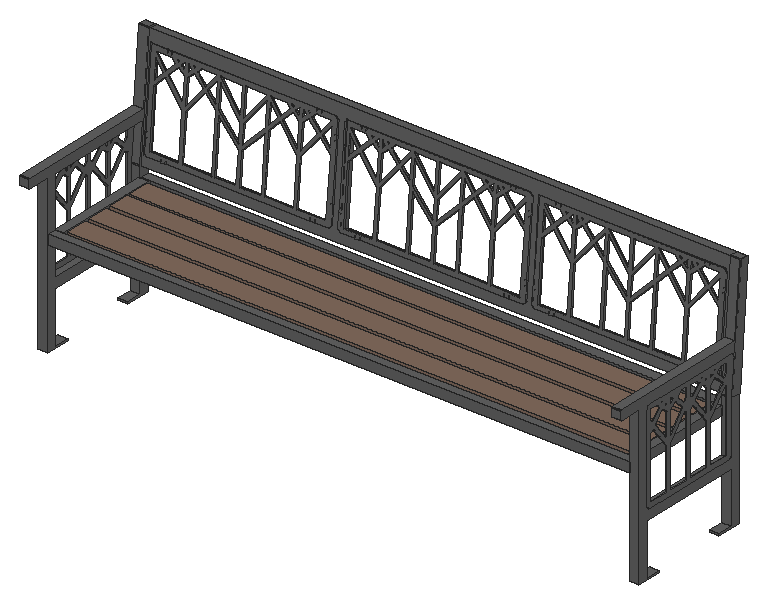
Revit family (continued)
Definition of nested family "Panel-Back-SiteScapes-Steel_Sheet_Metal-8ft"
  Definition of nested family "Panel-Back-SiteScapes-Steel_Sheet_Metal_96_Single"
    Automatic sketch dimensions
      Extrusion 1 sketch curve to Extrusion 1 sketch curve = 0' - 0.00402"
      Extrusion 1 sketch curve to Extrusion 1 sketch curve = 0' - 0.00591"
      Extrusion 1 sketch curve to Extrusion 1 sketch curve = 0' - 0.41939"  (x2)
      Extrusion 1 sketch curve to Extrusion 1 sketch curve = 0' - 0.42563"
      Extrusion 1 sketch curve to Extrusion 1 sketch curve = 0' - 0.00038"
      Extrusion 1 sketch curve to Extrusion 1 sketch curve = 0' - 0.00058"
      Extrusion 1 sketch curve to Extrusion 1 sketch curve = 0' - 0.09758"
      Extrusion 1 sketch curve to Extrusion 1 sketch curve = 0' - 0.29734"
      Extrusion 1 sketch curve to Extrusion 1 sketch curve = 0' - 0.38026"
      Extrusion 1 sketch curve to Extrusion 1 sketch curve = 0' - 0.01826"  (x3)
      Masking region 1 sketch curve to plane 10 "Top" = 0' - 0"  (x3)
      Masking region 1 sketch curve to plane 8 = 0' - 0.16525"
      Masking region 1 sketch curve to plane 8 = 0' - 0.16527"
      Masking region 1 sketch curve to plane 8 = 0' - 0.16557"
      Masking region 1 sketch curve to plane 8 = 0' - 0.16561"
      Masking region 1 sketch curve to plane 8 = 0' - 0.21995"
      Masking region 1 sketch curve to plane 8 = 0' - 0.21996"
      Masking region 1 sketch curve to Masking region 1 sketch curve = 0' - 0.05477"
      Masking region 1 sketch curve to Masking region 1 sketch curve = 0' - 0.0548"
      Masking region 1 sketch curve to Masking region 1 sketch curve = 0' - 0.09227"
      Masking region 1 sketch curve to Masking region 1 sketch curve = 0' - 0.00007"  (x7)
      Masking region 1 sketch curve to Masking region 1 sketch curve = 0' - 0.09768"
      Masking region 1 sketch curve to Masking region 1 sketch curve = 0' - 0.09787"
      Masking region 1 sketch curve to Masking region 1 sketch curve = 0' - 0.09918"
      Masking region 1 sketch curve to Masking region 1 sketch curve = 0' - 0.00008"
      Masking region 1 sketch curve to Masking region 1 sketch curve = 0' - 0.01588"
      Masking region 1 sketch curve to Masking region 1 sketch curve = 0' - 0.01584"
      Masking region 1 sketch curve to Masking region 1 sketch curve = 0' - 0.01592"
      Masking region 1 sketch curve to Masking region 1 sketch curve = 0' - 0.01755"
      Masking region 1 sketch curve to Masking region 1 sketch curve = 0' - 0.47836"
      Masking region 1 sketch curve to Masking region 1 sketch curve = 0' - 0.48163"
      Masking region 1 sketch curve to Masking region 1 sketch curve = 0' - 0.65084"
      Masking region 1 sketch curve to Masking region 1 sketch curve = 0' - 0.65101"
      Masking region 1 sketch curve to plane 8 = 0' - 0.88324"
      Masking region 1 sketch curve to Masking region 1 sketch curve = 0' - 0.06684"
      Masking region 1 sketch curve to plane 8 = 0' - 0.88326"
      Masking region 1 sketch curve to Masking region 1 sketch curve = 0' - 0.00002"  (x9)
      Masking region 1 sketch curve to Masking region 1 sketch curve = 0' - 0.03112"  (x11)
      Masking region 1 sketch curve to Masking region 1 sketch curve = 0' - 0"  (x36)
      Masking region 1 sketch curve to Masking region 1 sketch curve = 0' - 0 1/32"  (x12)
      Masking region 1 sketch curve to Masking region 1 sketch curve = 0' - 0.03127"  (x5)
      Masking region 1 sketch curve to Masking region 1 sketch curve = 0' - 0.03324"
      Masking region 1 sketch curve to Masking region 1 sketch curve = 0' - 0.00618"  (x6)
      Masking region 1 sketch curve to Masking region 1 sketch curve = 0' - 0.02256"  (x10)
      Masking region 1 sketch curve to Masking region 1 sketch curve = 0' - 0.02449"  (x10)
      Masking region 1 sketch curve to Masking region 1 sketch curve = 0' - 0.02481"  (x5)
      Masking region 1 sketch curve to Masking region 1 sketch curve = 0' - 1.39032"
      Masking region 1 sketch curve to Masking region 1 sketch curve = 0' - 0.03081"  (x4)
      Masking region 1 sketch curve to Masking region 1 sketch curve = 0' - 0.02222"  (x8)
      Masking region 1 sketch curve to Masking region 1 sketch curve = 0' - 0.02411"  (x4)
      Masking region 1 sketch curve to Masking region 1 sketch curve = 0' - 0.33696"  (x2)
      Masking region 1 sketch curve to Masking region 1 sketch curve = 0' - 0.00888"  (x4)
      Masking region 1 sketch curve to Masking region 1 sketch curve = 0' - 0.35775"  (x2)
      Masking region 1 sketch curve to Masking region 1 sketch curve = 0' - 0.00706"  (x4)
      Masking region 1 sketch curve to Masking region 1 sketch curve = 0' - 0.02254"  (x4)
      Masking region 1 sketch curve to Masking region 1 sketch curve = 0' - 0.01661"
      Masking region 1 sketch curve to Masking region 1 sketch curve = 0' - 0.01648"
      Masking region 1 sketch curve to Masking region 1 sketch curve = 0' - 0.02435"  (x4)
      Masking region 1 sketch curve to Masking region 1 sketch curve = 0' - 0.02436"  (x4)
      Masking region 1 sketch curve to Masking region 1 sketch curve = 0' - 0.02253"  (x4)
      Masking region 1 sketch curve to Masking region 1 sketch curve = 0' - 0.3581"  (x2)
      Masking region 1 sketch curve to Masking region 1 sketch curve = 0' - 0.0067"  (x4)
      Masking region 1 sketch curve to Masking region 1 sketch curve = 0' - 0.00859"  (x2)
      Masking region 1 sketch curve to Masking region 1 sketch curve = 0' - 0.04324"
      Masking region 1 sketch curve to Masking region 1 sketch curve = 0' - 0.01688"
      Masking region 1 sketch curve to Masking region 1 sketch curve = 0' - 0.0145"
      Masking region 1 sketch curve to Masking region 1 sketch curve = 0' - 0.69198"  (x2)
      Masking region 1 sketch curve to Masking region 1 sketch curve = 0' - 0.03083"  (x4)
      Masking region 1 sketch curve to plane 10 "Top" = 0' - 1.39125"
      Masking region 1 sketch curve to Masking region 1 sketch curve = 0' - 0.02039"  (x4)
      Masking region 1 sketch curve to plane 10 "Top" = 0' - 1.43554"  (x4)
      Masking region 1 sketch curve to Masking region 1 sketch curve = 0' - 0.02223"  (x2)
      Masking region 1 sketch curve to Masking region 1 sketch curve = 0' - 0.15445"  (x2)
      Masking region 1 sketch curve to plane 10 "Top" = 0' - 0.7921"  (x2)
      Masking region 1 sketch curve to Masking region 1 sketch curve = 0' - 0.00984"  (x4)
      Masking region 1 sketch curve to Masking region 1 sketch curve = 0' - 0.03097"  (x2)
      Masking region 1 sketch curve to Masking region 1 sketch curve = 0' - 0.19372"  (x4)
      Masking region 1 sketch curve to Masking region 1 sketch curve = 0' - 0.01064"  (x4)
      Masking region 1 sketch curve to Masking region 1 sketch curve = 0' - 0.02078"  (x8)
      Masking region 1 sketch curve to Masking region 1 sketch curve = 0' - 0.41333"  (x2)
      Masking region 1 sketch curve to plane 10 "Top" = 0' - 1.80322"  (x2)
      Masking region 1 sketch curve to Masking region 1 sketch curve = 0' - 0.00895"  (x4)
      Masking region 1 sketch curve to plane 10 "Top" = 0' - 0.98849"  (x4)
      Masking region 1 sketch curve to Masking region 1 sketch curve = 0' - 0.02247"  (x8)
      Masking region 1 sketch curve to Masking region 1 sketch curve = 0' - 0.15973"  (x2)
      Masking region 1 sketch curve to Masking region 1 sketch curve = 0' - 0.03073"  (x2)
      Masking region 1 sketch curve to Masking region 1 sketch curve = 0' - 0.00025"  (x4)
      Masking region 1 sketch curve to Masking region 1 sketch curve = 0' - 0.02295"  (x4)
      Masking region 1 sketch curve to Masking region 1 sketch curve = 0' - 0.41369"  (x2)
      Masking region 1 sketch curve to Masking region 1 sketch curve = 0' - 0.0086"  (x4)
      Masking region 1 sketch curve to plane 10 "Top" = 0' - 1.40049"  (x3)
      Masking region 1 sketch curve to Masking region 1 sketch curve = 0' - 0.01047"  (x2)
      Masking region 1 sketch curve to Masking region 1 sketch curve = 0' - 0.02037"  (x4)
      Masking region 1 sketch curve to Masking region 1 sketch curve = 0' - 2.81793"
      Masking region 1 sketch curve to Masking region 1 sketch curve = 0' - 0.51014"
      Masking region 1 sketch curve to Masking region 1 sketch curve = 0' - 0.50828"
      Masking region 1 sketch curve to Masking region 1 sketch curve = 0' - 2.03344"
      Masking region 1 sketch curve to Masking region 1 sketch curve = 0' - 0.0068"  (x6)
      Masking region 1 sketch curve to plane 10 "Top" = 0' - 0.81822"  (x4)
      Masking region 1 sketch curve to Masking region 1 sketch curve = 0' - 0.00872"  (x4)
      Masking region 1 sketch curve to Masking region 1 sketch curve = 0' - 0.01059"  (x4)
      Masking region 1 sketch curve to Masking region 1 sketch curve = 0' - 0.02069"  (x4)
      Masking region 1 sketch curve to plane 10 "Top" = 0' - 2.64508"
      Masking region 1 sketch curve to Masking region 1 sketch curve = 0' - 0.05195"
      Masking region 1 sketch curve to Masking region 1 sketch curve = 0' - 0.05576"  (x2)
      Masking region 1 sketch curve to Masking region 1 sketch curve = 0' - 0 9/16"  (x4)
      Masking region 1 sketch curve to Masking region 1 sketch curve = 0' - 0.03111"  (x4)
      Masking region 1 sketch curve to Masking region 1 sketch curve = 0' - 0.48792"  (x2)
      Masking region 1 sketch curve to Masking region 1 sketch curve = 0' - 0.02224"  (x2)
      Masking region 1 sketch curve to plane 10 "Top" = 0' - 0.79027"  (x3)
      Masking region 1 sketch curve to Masking region 1 sketch curve = 0' - 0.2311"  (x2)
      Masking region 1 sketch curve to Masking region 1 sketch curve = 0' - 0.03098"  (x3)
      Masking region 1 sketch curve to plane 10 "Top" = 0' - 1.80163"  (x2)
      Masking region 1 sketch curve to Masking region 1 sketch curve = 0' - 0.38981"  (x2)
      Masking region 1 sketch curve to Masking region 1 sketch curve = 0' - 0.13726"  (x2)
      Masking region 1 sketch curve to Masking region 1 sketch curve = 0' - 0.02113"  (x2)
      Masking region 1 sketch curve to Masking region 1 sketch curve = 0' - 0.42229"  (x2)
      Masking region 1 sketch curve to Masking region 1 sketch curve = 0' - 0.00185"  (x2)
      Masking region 1 sketch curve to Masking region 1 sketch curve = 0' - 0.89765"
      Masking region 1 sketch curve to Masking region 1 sketch curve = 0' - 1.47873"  (x2)
      Masking region 1 sketch curve to plane 10 "Top" = 0' - 3.40903"  (x2)
      Masking region 1 sketch curve to Masking region 1 sketch curve = 0' - 0.34584"  (x2)
      Masking region 1 sketch curve to Masking region 1 sketch curve = 0' - 0.3648"  (x2)
      Masking region 1 sketch curve to plane 10 "Top" = 0' - 3.31018"  (x2)
      Masking region 1 sketch curve to Masking region 1 sketch curve = 0' - 0.36481"  (x2)
      Masking region 1 sketch curve to Masking region 1 sketch curve = 0' - 0.00189"  (x2)
      Masking region 1 sketch curve to plane 10 "Top" = 0' - 0.73871"  (x3)
      Masking region 1 sketch curve to Masking region 1 sketch curve = 0' - 2.41312"
      Masking region 1 sketch curve to plane 10 "Top" = 0' - 1.65572"  (x2)
      Masking region 1 sketch curve to Masking region 1 sketch curve = 0' - 0.00846"  (x2)
      Masking region 1 sketch curve to Masking region 1 sketch curve = 0' - 1.26848"
      Masking region 1 sketch curve to plane 10 "Top" = 0' - 0.78805"  (x4)
      level to Masking region 1 sketch curve = 0' - 0.92727"  (x3)
      plane 3 "Center (Left/Right)" to Masking region 1 sketch curve = 0' - 4.25742"
      Masking region 1 sketch curve to Masking region 1 sketch curve = 0' - 0.03158"
      Masking region 1 sketch curve to Masking region 1 sketch curve = 0' - 0.51817"  (x2)
      Masking region 1 sketch curve to Masking region 1 sketch curve = 0' - 0.50707"  (x3)
      Masking region 1 sketch curve to Masking region 1 sketch curve = 0' - 0.50708"  (x2)
      Masking region 1 sketch curve to Masking region 1 sketch curve = 0' - 0.5071"
      plane 3 "Center (Left/Right)" to Masking region 1 sketch curve = 0' - 0.40619"
      plane 3 "Center (Left/Right)" to Masking region 1 sketch curve = 0' - 0.34427"
      plane 3 "Center (Left/Right)" to Masking region 1 sketch curve = 0' - 0.34395"
      Masking region 1 sketch curve to Masking region 1 sketch curve = 0' - 0.06225"  (x2)
      plane 3 "Center (Left/Right)" to Masking region 1 sketch curve = 0' - 0.28171"
      Masking region 1 sketch curve to Masking region 1 sketch curve = 0' - 0.06224"
      Masking region 1 sketch curve to Masking region 1 sketch curve = 0' - 0.05383"  (x2)
      Masking region 1 sketch curve to Masking region 1 sketch curve = 0' - 0.00882"
      Masking region 1 sketch curve to Masking region 1 sketch curve = 0' - 1.29105"
      Masking region 1 sketch curve to plane 10 "Top" = 0' - 3.35054"
      Masking region 1 sketch curve to plane 10 "Top" = 0' - 3.7995"
      Masking region 1 sketch curve to Masking region 1 sketch curve = 0' - 0 91/128"
      Masking region 1 sketch curve to plane 10 "Top" = 0' - 1.35617"  (x2)
      Masking region 1 sketch curve to Masking region 1 sketch curve = 0' - 0.62506"  (x2)
      Masking region 1 sketch curve to Masking region 1 sketch curve = 0' - 0.62505"
      Masking region 1 sketch curve to Masking region 1 sketch curve = 0' - 0.62473"
      Masking region 1 sketch curve to Masking region 1 sketch curve = 0' - 0.01591"
      Masking region 1 sketch curve to Masking region 1 sketch curve = 0' - 0.01503"
      Masking region 1 sketch curve to Masking region 1 sketch curve = 0' - 0.00053"
      Masking region 1 sketch curve to Masking region 1 sketch curve = 0' - 0.04094"
      Masking region 1 sketch curve to Masking region 1 sketch curve = 0' - 0.04564"
      Masking region 1 sketch curve to Masking region 1 sketch curve = 0' - 0.0163"
      Masking region 1 sketch curve to Masking region 1 sketch curve = 0' - 0.01457"
      Masking region 1 sketch curve to Masking region 1 sketch curve = 0' - 0.00109"
      Masking region 1 sketch curve to Masking region 1 sketch curve = 0' - 0.57249"
      Masking region 1 sketch curve to plane 6 = 0' - 0.3127"
      Masking region 1 sketch curve to plane 6 = 0' - 0.31199"
      Masking region 1 sketch curve to Masking region 1 sketch curve = 0' - 0.31187"
      Masking region 1 sketch curve to plane 6 = 0' - 0.31131"
      Masking region 1 sketch curve to Masking region 1 sketch curve = 0' - 0.01558"
      Masking region 1 sketch curve to Masking region 1 sketch curve = 0' - 0.01613"
      Masking region 1 sketch curve to Masking region 1 sketch curve = 0' - 0.01642"
      Masking region 1 sketch curve to Masking region 1 sketch curve = 0' - 0.01702"
      Masking region 1 sketch curve to Masking region 1 sketch curve = 0' - 0 19/256"
      Masking region 1 sketch curve to Masking region 1 sketch curve = 0' - 0.07542"
      Masking region 1 sketch curve to Masking region 1 sketch curve = 0' - 0.07716"
      Masking region 1 sketch curve to Masking region 1 sketch curve = 0' - 0.0759"
      Masking region 1 sketch curve to plane 6 = 0' - 0.16566"
      Masking region 1 sketch curve to plane 6 = 0' - 0.16555"
      Masking region 1 sketch curve to Masking region 1 sketch curve = 0' - 0.05479"  (x2)
      plane 7 to Masking region 1 sketch curve = 0' - 0.23461"
      plane 7 to Masking region 1 sketch curve = 0' - 0.23482"
      plane 7 to Masking region 1 sketch curve = 0' - 0.23516"
      plane 7 to Masking region 1 sketch curve = 0' - 0.2352"
      Masking region 1 sketch curve to Masking region 1 sketch curve = 0' - 0.02044"
      Masking region 1 sketch curve to Masking region 1 sketch curve = 0' - 0.32382"
      Masking region 1 sketch curve to Masking region 1 sketch curve = 0' - 0.0005"
      Masking region 1 sketch curve to Masking region 1 sketch curve = 0' - 0.32959"
      Masking region 1 sketch curve to Masking region 1 sketch curve = 0' - 0.00057"  (x2)
      Masking region 1 sketch curve to Masking region 1 sketch curve = 0' - 0.35679"
      Masking region 1 sketch curve to Masking region 1 sketch curve = 0' - 0.00077"
      Masking region 1 sketch curve to Masking region 1 sketch curve = 0' - 0.34353"
      Masking region 1 sketch curve to Masking region 1 sketch curve = 0' - 0.0008"
      Masking region 1 sketch curve to Masking region 1 sketch curve = 0' - 0.73872"
      level to Masking region 1 sketch curve = 0' - 0.92728"  (x3)
      Masking region 1 sketch curve to Masking region 1 sketch curve = 0' - 0.03033"  (x4)
      Masking region 1 sketch curve to Masking region 1 sketch curve = 0' - 0.03032"  (x8)
      Masking region 1 sketch curve to Masking region 1 sketch curve = 0' - 0.64587"
      Masking region 1 sketch curve to Masking region 1 sketch curve = 0' - 0.61106"
      Masking region 1 sketch curve to Masking region 1 sketch curve = 0' - 0.03389"
      Masking region 1 sketch curve to Masking region 1 sketch curve = 0' - 0.0159"
      Masking region 1 sketch curve to Masking region 1 sketch curve = 0' - 0.1112"
      Masking region 1 sketch curve to Masking region 1 sketch curve = 0' - 0.11321"
      Masking region 1 sketch curve to Masking region 1 sketch curve = 0' - 0.05"
      Masking region 1 sketch curve to Masking region 1 sketch curve = 0' - 0.01586"
      Masking region 1 sketch curve to Masking region 1 sketch curve = 0' - 3.99681"
      Masking region 1 sketch curve to Masking region 1 sketch curve = 0' - 0.91702"  (x3)
      Masking region 1 sketch curve to Masking region 1 sketch curve = 0' - 0.01821"  (x6)
      Masking region 1 sketch curve to Masking region 1 sketch curve = 0' - 2.87494"
      Masking region 1 sketch curve to Masking region 1 sketch curve = 0' - 0.02158"  (x5)
      Masking region 1 sketch curve to Masking region 1 sketch curve = 0' - 0.00117"
      Masking region 1 sketch curve to Masking region 1 sketch curve = 0' - 0.60199"  (x2)
      Masking region 1 sketch curve to Masking region 1 sketch curve = 0' - 2.1867"
      Masking region 1 sketch curve to Masking region 1 sketch curve = 0' - 0.27975"  (x2)
      Masking region 1 sketch curve to Masking region 1 sketch curve = 0' - 0.86131"  (x2)
      Masking region 1 sketch curve to Masking region 1 sketch curve = 0' - 0.58157"  (x2)
      Masking region 1 sketch curve to Masking region 1 sketch curve = 0' - 0.02042"  (x4)
      Masking region 1 sketch curve to Masking region 1 sketch curve = 0' - 0.64571"
      Masking region 1 sketch curve to Masking region 1 sketch curve = 0' - 0.61429"
      Masking region 1 sketch curve to Masking region 1 sketch curve = 0' - 0.41024"
      Masking region 1 sketch curve to Masking region 1 sketch curve = 0' - 0.1903"
      Masking region 1 sketch curve to Masking region 1 sketch curve = 0' - 0.01976"  (x4)
      Masking region 1 sketch curve to Masking region 1 sketch curve = 0' - 0.39048"  (x2)
      Masking region 1 sketch curve to Masking region 1 sketch curve = 0' - 0.03269"
      Masking region 1 sketch curve to Masking region 1 sketch curve = 0' - 0.0191"  (x4)
      Masking region 1 sketch curve to Masking region 1 sketch curve = 0' - 0.0125"
      Masking region 1 sketch curve to Masking region 1 sketch curve = 0' - 0.04035"
      Masking region 1 sketch curve to Masking region 1 sketch curve = 0' - 0.44694"  (x2)
      Masking region 1 sketch curve to Masking region 1 sketch curve = 0' - 0.02125"  (x2)
      Masking region 1 sketch curve to Masking region 1 sketch curve = 0' - 0.09416"
      Masking region 1 sketch curve to Masking region 1 sketch curve = 0' - 0.09404"
      Masking region 1 sketch curve to Masking region 1 sketch curve = 0' - 0.44693"  (x4)
      Masking region 1 sketch curve to Masking region 1 sketch curve = 0' - 0.00203"  (x4)
      Masking region 1 sketch curve to Masking region 1 sketch curve = 0' - 0.84346"
      Masking region 1 sketch curve to Masking region 1 sketch curve = 0' - 0.05109"
      Masking region 1 sketch curve to Masking region 1 sketch curve = 0' - 0.01581"
      Masking region 1 sketch curve to Masking region 1 sketch curve = 0' - 0.4999"
      Masking region 1 sketch curve to Masking region 1 sketch curve = 0' - 0.45558"
      Masking region 1 sketch curve to Masking region 1 sketch curve = 0' - 0.0222"  (x4)
      Masking region 1 sketch curve to Masking region 1 sketch curve = 0' - 0.02187"  (x2)
      Masking region 1 sketch curve to Masking region 1 sketch curve = 0' - 0.02347"  (x2)
      Masking region 1 sketch curve to Masking region 1 sketch curve = 0' - 0.0194"  (x3)
      Masking region 1 sketch curve to Masking region 1 sketch curve = 0' - 0 235/256"
      Masking region 1 sketch curve to Masking region 1 sketch curve = 0' - 0.00119"
      Masking region 1 sketch curve to Masking region 1 sketch curve = 0' - 0.01866"  (x2)
      Masking region 1 sketch curve to Masking region 1 sketch curve = 0' - 0.02127"  (x3)
      Masking region 1 sketch curve to Masking region 1 sketch curve = 0' - 0.04432"
      Masking region 1 sketch curve to Masking region 1 sketch curve = 0' - 0.02305"  (x2)
      Masking region 1 sketch curve to Masking region 1 sketch curve = 0' - 0.0016"  (x4)
      Masking region 1 sketch curve to plane 10 "Top" = 0' - 0.8007"
      Masking region 1 sketch curve to Masking region 1 sketch curve = 0' - 0.00134"  (x2)
      Masking region 1 sketch curve to Masking region 1 sketch curve = 0' - 0.17451"  (x2)
      Masking region 1 sketch curve to Masking region 1 sketch curve = 0' - 0.19821"
      Masking region 1 sketch curve to Masking region 1 sketch curve = 0' - 0.04934"  (x2)
      Masking region 1 sketch curve to Masking region 1 sketch curve = 0' - 0.01849"
      Masking region 1 sketch curve to Masking region 1 sketch curve = 0' - 0.02071"  (x4)
      Masking region 1 sketch curve to Masking region 1 sketch curve = 0' - 0.33048"
      Masking region 1 sketch curve to Masking region 1 sketch curve = 0' - 0.38643"
      Masking region 1 sketch curve to Masking region 1 sketch curve = 0' - 0.004"
      Masking region 1 sketch curve to Masking region 1 sketch curve = 0' - 0.00589"
      Masking region 1 sketch curve to Masking region 1 sketch curve = 0' - 0.29668"
      Masking region 1 sketch curve to Masking region 1 sketch curve = 0' - 0.2963"
      Masking region 1 sketch curve to Masking region 1 sketch curve = 0' - 0.00058"
      Masking region 1 sketch curve to Masking region 1 sketch curve = 0' - 0.0966"
      curve 25 to plane 3 "Center (Left/Right)" = 0' - 0"
      curve 14 to plane 3 "Center (Left/Right)" = 0' - 0"
      curve 13 to plane 3 "Center (Left/Right)" = 0' - 0"
      curve 8 to plane 6 = 0' - 0.44163"
      curve 1 to curve 8 = 0' - 0.24138"
      curve 18 to plane 8 = 0' - 0.44163"
      curve 1 to curve 18 = 0' - 0.24138"
      curve 11 to plane 3 "Center (Left/Right)" = 0' - 3.97184"
      curve 6 to curve 11 = 0' - 0.47843"
      plane 3 "Center (Left/Right)" to curve 21 = 0' - 3.97184"
      plane 3 "Center (Left/Right)" to curve 24 = 0' - 3.98808"
      curve 21 to curve 24 = 0' - 0.04832"
      curve 14 to plane 3 "Center (Left/Right)" = 0' - 3.98808"
      curve 11 to curve 14 = 0' - 0.04832"
      curve 9 to plane 6 = 0' - 5.81354"
      curve 5 to curve 9 = 0' - 2.15999"
      curve 22 to plane 8 = 0' - 5.81354"
      curve 12 to curve 9 = 0' - 0"
      curve 19 to curve 22 = 0' - 0"
      curve 14 to curve 10 = 0' - 4.56719"
      curve 10 to curve 13 = 0' - 0.08124"
      curve 20 to curve 23 = 0' - 0.08124"
      curve 14 to curve 13 = 0' - 3.6063"
      curve 9 to curve 11 = 0' - 4.83517"
      curve 8 to curve 11 = 0' - 0"
      curve 18 to curve 21 = 0' - 0"
      curve 13 to curve 6 = 0' - 5.61775"
      curve 7 to curve 5 = 0' - 0.29136"
      curve 5 to curve 10 = 0' - 0.29136"
      curve 10 to curve 12 = 0' - 2.15846"
      curve 20 to curve 15 = 0' - 0.29136"
      curve 15 to curve 17 = 0' - 0.29136"
      curve 16 to curve 21 = 0' - 0.47843"
      curve 22 to curve 20 = 0' - 2.15846"
      curve 24 to curve 20 = 0' - 4.56719"
      curve 19 to curve 21 = 0' - 4.83517"
      curve 15 to curve 22 = 0' - 2.15999"
      curve 9 to curve 7 = 0' - 2.15846"
      curve 17 to curve 19 = 0' - 2.15846"
      curve 18 to curve 17 = 0' - 5.04888"
      curve 8 to curve 7 = 0' - 5.04889"
      plane 2 "Original Bottom" to Masking region 1 sketch curve = 0' - 0.17299"
      Masking region 1 sketch curve to plane 8 = 0' - 0 3/8"  (x2)
      plane 2 "Original Bottom" to Masking region 1 sketch curve = 0' - 0.14037"
      Masking region 1 sketch curve to Masking region 1 sketch curve = 0' - 0.03947"
      Masking region 1 sketch curve to plane 6 = 0' - 0 3/8"
      Masking region 1 sketch curve to Masking region 1 sketch curve = 0' - 0.03597"
      Masking region 1 sketch curve to Masking region 1 sketch curve = 0' - 0.01069"
      Masking region 1 sketch curve to Masking region 1 sketch curve = 0' - 0.01218"
      Masking region 1 sketch curve to Masking region 1 sketch curve = 0' - 0.03748"
      Masking region 1 sketch curve to Masking region 1 sketch curve = 0' - 0.37042"  (x2)
      Masking region 1 sketch curve to Masking region 1 sketch curve = 0' - 1.20917"
      Masking region 1 sketch curve to Masking region 1 sketch curve = 0' - 1.20923"
      Masking region 1 sketch curve to Masking region 1 sketch curve = 0' - 0.62598"
      Masking region 1 sketch curve to Masking region 1 sketch curve = 0' - 0.62612"
      Masking region 1 sketch curve to Masking region 1 sketch curve = 0' - 4.99258"
      Masking region 1 sketch curve to Masking region 1 sketch curve = 0' - 0.8055"
      Masking region 1 sketch curve to Masking region 1 sketch curve = 0' - 4.76075"
      Masking region 1 sketch curve to Masking region 1 sketch curve = 0' - 2.36586"
      Masking region 1 sketch curve to Masking region 1 sketch curve = 0' - 2.90721"
      Masking region 1 sketch curve to Masking region 1 sketch curve = 0' - 0.88745"  (x2)
      Masking region 1 sketch curve to Masking region 1 sketch curve = 0' - 0.68943"
      Masking region 1 sketch curve to Masking region 1 sketch curve = 0' - 0.90139"
      Masking region 1 sketch curve to Masking region 1 sketch curve = 0' - 0.62587"
      Masking region 1 sketch curve to Masking region 1 sketch curve = 0' - 0.626"
      Masking region 1 sketch curve to Masking region 1 sketch curve = 0' - 0.88707"
      Masking region 1 sketch curve to plane 10 "Top" = 0' - 0.40462"
      Masking region 1 sketch curve to plane 10 "Top" = 0' - 0.37042"  (x2)
      Masking region 1 sketch curve to plane 10 "Top" = 0' - 0.31486"
Definition of nested family "Frame-Type-SiteScapes-Square_Steel_Tube-8ft"
  Parameters (values of type "5 5/8"x1' 3 13/32"")
    Frame Width = 8' - 0"
    Product Page URL = ""
    Product Documentation Link = ""
    Material = Steel - SiteScapes - Powder Coat - Onyx
    Height = 1' - 7.05911"
    Has Support Bars [instance] = yes
    Depth = 0' - 3.15031"
    Copyright © = ""
    Assembly Code = ""
  Reference planes (in)
    plane 1 "Center (Front/Back)": y = 0
    plane 2 "Original Bottom": z = 0
    plane 3 "Center (Left/Right)": x = 0
    plane 4 "Left": x = -48
    plane 5 "Right": x = 48
    plane 6 "Top": z = 19.05911
    plane 7 "Bar 4 Right": x = 46
    plane 8 "Bar 4 Left": x = 44.5
    plane 9 "Bar 3 Left": x = 14.5
    plane 10 "Bar 2 Right": x = -14.5
    plane 11 "Bar 2 Left": x = -16
    plane 12 "Bar 1 Right": x = -44.5
    plane 13 "Bar 1 Left": x = -46
    plane 14 "Right Inset": x = 47.75
    plane 15 "Left Inset": x = -47.5
    plane 16 "Front": y = -3.15031
    plane 17: z = 17.23513
    plane 18: z = 1.70806
    plane 19: x = 15.99976
    plane 20 "ANGLE": through (0, -0.74715, 18.99375) normal (0, 0.9962, -0.0872)
  Forms (in)
    Extrusion 1, solid, material "Steel - SiteScapes - Powder Coat - Onyx" <- "Material", detail levels medium+fine
      sketch origin (0, -7.25961, 0.49025) x (-1, 0, 0) y (0, 0.087156, 0.996195)
        loop
          line (-48, 0) -> (47.5, 0) -> (47.5, 19.00068) -> (-48, 19.00068) -> (-48, 0)
        loop
          line (46, 17.16973) -> (16.16643, 17.16973) -> (16.16643, 1.58335) -> (46, 1.58335) -> (46, 17.16973)
        loop
          line (14.6669, 17.16973) -> (-14.5, 17.16973) -> (-14.5, 1.58335) -> (14.6669, 1.58335) -> (14.6669, 17.16973)
        loop
          line (-15.99976, 17.16973) -> (-46, 17.16973) -> (-46, 1.58335) -> (-15.99976, 1.58335) -> (-15.99976, 17.16973)
      from 4.125 to 5.625
  Lines and regions (in)
    Masking region 1, detail levels medium+fine
      outline origin (0, 0, 0) x (1, 0, 0) y (0, 1, 0)
        loop
          line (-47.5, 0) -> (-47.5, -1.49429) -> (48, -1.49429) -> (48, 0) -> (-47.5, 0)
    Masking region 2, detail levels medium+fine
      outline origin (0, 0, 0) x (0, 1, 0) y (0, 0, 1)
        loop
          line (-1.65602, 0) -> (0, 18.92838) -> (-1.49429, 19.05911) -> (-3.15031, 0.13073) -> (-1.65602, 0)
    Masking region 3, detail levels medium+fine
      outline origin (0, -5.625, 0) x (-1, 0, 0) y (0, 0, 1)
        loop
          line (-48, 19.05911) -> (-48, 0.13073) -> (47.5, 0.13073) -> (47.5, 19.05911) -> (-48, 19.05911)
        loop
          line (46, 17.23513) -> (16.16643, 17.23513) -> (16.16643, 1.70806) -> (46, 1.70806) -> (46, 17.23513)
        loop
          line (14.6669, 17.23513) -> (-14.5, 17.23513) -> (-14.5, 1.70806) -> (14.6669, 1.70806) -> (14.6669, 17.23513)
        loop
          line (-15.99976, 17.23513) -> (-46, 17.23513) -> (-46, 1.70806) -> (-15.99976, 1.70806) -> (-15.99976, 17.23513)
    model lines, detail levels coarse
      curve 1: line (-46.75, -0.8271, 18.0799) -> (47, -0.8271, 18.0799)
      curve 2: line (47, -0.8271, 18.0799) -> (47, -2.33506, 0.84383)
      curve 3: line (15.24988, -0.8271, 18.0799) -> (15.24988, -2.33506, 0.84383)
      curve 4: line (-15.41667, -0.8271, 18.0799) -> (-15.41667, -2.33506, 0.84383)
      curve 5: line (-46.75, -0.8271, 18.0799) -> (-46.75, -2.33506, 0.84383)
      curve 6: line (-46.75, -2.33506, 0.84383) -> (47, -2.33506, 0.84383)
  Dimensions and locks (in)
    equal spacing: plane 4 "Left", plane 3 "Center (Left/Right)", plane 5 "Right"
    "Frame Width": plane 4 "Left" to plane 5 "Right"
    locked: plane 8 "Bar 4 Left" to plane 7 "Bar 4 Right" at 1.5
    locked: plane 11 "Bar 2 Left" to plane 10 "Bar 2 Right" at 1.5
    locked: plane 13 "Bar 1 Left" to plane 12 "Bar 1 Right" at 1.5
    locked: plane 4 "Left" to plane 13 "Bar 1 Left" at 2
    locked: plane 7 "Bar 4 Right" to plane 5 "Right" at 2
    plane 4 "Left" to plane 15 "Left Inset" = 0' - 0 1/2"
    plane 14 "Right Inset" to plane 5 "Right" = 0' - 0 1/4"
    "Depth": plane 16 "Front" to plane 1 "Center (Front/Back)"
    "Height": plane 6 "Top" to plane 2 "Original Bottom"
    locked: plane 6 "Top" to plane 17 at 1.82399
    locked: plane 18 to plane 2 "Original Bottom" at 1.70806
    locked: plane 9 "Bar 3 Left" to plane 19 at 1.49976
    plane 11 "Bar 2 Left" to plane 13 "Bar 1 Left" = 2' - 6"
    plane 9 "Bar 3 Left" to plane 10 "Bar 2 Right" = 2' - 5"
    plane 7 "Bar 4 Right" to plane 19 = 2' - 6.00024"
    aligned and locked: plane 2 "Original Bottom" to level
    aligned: Extrusion 1 to plane 16 "Front"
    aligned: Extrusion 1 to plane 1 "Center (Front/Back)"
    aligned and locked: plane 16 "Front" to Extrusion 1
    aligned and locked: plane 1 "Center (Front/Back)" to Extrusion 1
    aligned and locked: plane 2 "Original Bottom" to Extrusion 1
    aligned and locked: plane 6 "Top" to Extrusion 1
    aligned and locked: Masking region 1 sketch curve to Extrusion 1  (x2)
    aligned and locked: Masking region 2 sketch curve to Extrusion 1  (x4)
    aligned: plane 12 "Bar 1 Right" to Extrusion 1
    aligned: Extrusion 1 to plane 13 "Bar 1 Left"
    aligned: Extrusion 1 to plane 8 "Bar 4 Left"
    aligned: plane 7 "Bar 4 Right" to Extrusion 1
    aligned and locked: plane 5 "Right" to Extrusion 1
    aligned and locked: Extrusion 1 to plane 7 "Bar 4 Right"
    aligned and locked: plane 15 "Left Inset" to Extrusion 1
    aligned and locked: plane 13 "Bar 1 Left" to Extrusion 1
    aligned and locked: plane 19 to Extrusion 1
    aligned and locked: Extrusion 1 to plane 9 "Bar 3 Left"
    aligned and locked: Masking region 3 sketch curve to Extrusion 1  (x12)
  Automatic sketch dimensions
    Extrusion 1 sketch curve to plane 5 "Right" = 0' - 0"
    Extrusion 1 sketch curve to plane 4 "Left" = 0' - 0 1/2"
    Extrusion 1 sketch curve to plane 7 "Bar 4 Right" = 0' - 0"
    Extrusion 1 sketch curve to plane 10 "Bar 2 Right" = 0' - 0.1669"
    Extrusion 1 sketch curve to plane 11 "Bar 2 Left" = 0' - 0.16643"
    plane 13 "Bar 1 Left" to Extrusion 1 sketch curve = 0' - 0"
    Extrusion 1 sketch curve to Extrusion 1 sketch curve = 0' - 0"
    Extrusion 1 sketch curve to Extrusion 1 sketch curve = 0' - 1.83095"
    Extrusion 1 sketch curve to Extrusion 1 sketch curve = 0' - 1.58335"  (x2)
    Extrusion 1 sketch curve to Extrusion 1 sketch curve = 1' - 3.58638"  (x3)
    Extrusion 1 sketch curve to plane 19 = 0' - 0"
    Extrusion 1 sketch curve to plane 19 = 0' - 1.49976"
    Masking region 1 sketch curve to Masking region 1 sketch curve = 0' - 1.49429"
    Masking region 1 sketch curve to plane 5 "Right" = 0' - 0"
    Masking region 3 sketch curve to plane 19 = 0' - 0"
    Masking region 3 sketch curve to plane 17 = 0' - 0"
    Masking region 3 sketch curve to plane 7 "Bar 4 Right" = 0' - 0"
    Masking region 3 sketch curve to plane 18 = 0' - 0"
    curve 6 to plane 14 "Right Inset" = 0' - 0 3/4"
    curve 2 to curve 2 = 1' - 5.30191"
    plane 9 "Bar 3 Left" to curve 3 = 0' - 0.74988"
    plane 11 "Bar 2 Left" to curve 4 = 0' - 0.58333"
    curve 1 to plane 13 "Bar 1 Left" = 0' - 0 3/4"
Definition of nested family "Seat-Panel-SiteScapes-Slat"
  Parameters (values of type "Wood_Slats-6ft")
    Width = 5' - 6"
    Product Page URL = ""
    Product Documentation Link = ""
    Overall Width = 6' - 0 1/4"
    Material = Wood - SiteScapes - IPE - Brown
    Height = 0' - 1"
    Depth = 1' - 3 7/8"
    Copyright © = ""
    Assembly Code = ""
  Types (2): name | Width
    Wood_Slats-6ft | 5' - 6"
    Wood_Slats-8ft | 7' - 6"
  Reference planes (in)
    plane 1 "Center (Front/Back)": y = 0
    plane 2 "Original Bottom": z = 0
    plane 3 "Center (Left/Right)": x = 0
    plane 4 "Left": x = -33
    plane 5 "Right": x = 33
    plane 6 "Front": y = -15.875
    plane 7 "Top": z = 1
    plane 8 "Right Offset": x = 33.5
    plane 9 "Left Offset": x = -33.5
    plane 10 "Center": y = -7.9375
    plane 11: y = -16.4375
    plane 12: y = 0.5625
  Forms (in)
    Sweep 1, solid, material "Wood - SiteScapes - IPE - Brown" <- "Material", detail levels medium+fine
      path origin (0, 0, 0) x (1, 0, 0) y (0, 0, 1)
        loop
          line (33, 1) -> (-33, 1)
      profile origin (0, 0, 1) x (0, 0, -1) y (0, -1, 0)
        loop
          line (1, 0) -> (1, 3.5) -> (0, 3.5) -> (0, 0) -> (1, 0)
        loop
          line (1, 4.125) -> (1, 7.625) -> (0, 7.625) -> (0, 4.125) -> (1, 4.125)
        loop
          line (1, 8.25) -> (1, 11.75) -> (0, 11.75) -> (0, 8.25) -> (1, 8.25)
        loop
          line (1, 12.375) -> (1, 15.875) -> (0, 15.875) -> (0, 12.375) -> (1, 12.375)
  Lines and regions (in)
    Masking region 1, detail levels medium+fine
      outline origin (0, 0, 1) x (0, -1, 0) y (1, 0, 0)
        loop
          line (0, -33) -> (3.5, -33) -> (3.5, 33) -> (0, 33) -> (0, -33)
        loop
          line (4.125, -33) -> (7.625, -33) -> (7.625, 33) -> (4.125, 33) -> (4.125, -33)
        loop
          line (8.25, -33) -> (11.75, -33) -> (11.75, 33) -> (8.25, 33) -> (8.25, -33)
        loop
          line (12.375, -33) -> (15.875, -33) -> (15.875, 33) -> (12.375, 33) -> (12.375, -33)
    Masking region 2, detail levels medium+fine
      outline origin (0, 0, 0) x (1, 0, 0) y (0, 0, 1)
        loop
          line (-33.5, 1) -> (-33.5, 0) -> (33, 0) -> (33, 1) -> (-33.5, 1)
    Masking region 3, detail levels medium+fine
      outline origin (0, 0, 0) x (0, 1, 0) y (0, 0, 1)
        loop
          line (-15.875, 1) -> (-15.875, 0) -> (-12.375, 0) -> (-12.375, 1) -> (-15.875, 1)
        loop
          line (-11.75, 0) -> (-8.25, 0) -> (-8.25, 1) -> (-11.75, 1) -> (-11.75, 0)
        loop
          line (-7.625, 1) -> (-7.625, 0) -> (-4.125, 0) -> (-4.125, 1) -> (-7.625, 1)
        loop
          line (-3.5, 0) -> (0, 0) -> (0, 1) -> (-3.5, 1) -> (-3.5, 0)
    model lines, detail levels coarse
      curve 1: line (-33, -14.125, 1) -> (33, -14.125, 1)
      curve 2: line (-33, -10, 1) -> (33, -10, 1)
      curve 3: line (-33, -5.875, 1) -> (33, -5.875, 1)
      curve 4: line (-33, -1.75, 1) -> (33, -1.75, 1)
  Dimensions and locks (in)
    equal spacing: plane 4 "Left", plane 3 "Center (Left/Right)", plane 5 "Right"
    "Depth": plane 6 "Front" to plane 1 "Center (Front/Back)"
    "Height": plane 7 "Top" to plane 2 "Original Bottom"
    equal spacing: plane 1 "Center (Front/Back)", plane 10 "Center", plane 6 "Front"
    locked: plane 6 "Front" to plane 11 at 0.5625
    locked: plane 1 "Center (Front/Back)" to plane 12 at 0.5625
    equal spacing: plane 9 "Left Offset", plane 3 "Center (Left/Right)", plane 8 "Right Offset"
    plane 9 "Left Offset" to plane 4 "Left" = 0' - 0 1/2"  (x2)
    plane 5 "Right" to plane 8 "Right Offset" = 0' - 0 1/2"
    "Width": plane 4 "Left" to plane 5 "Right"
    aligned and locked: plane 2 "Original Bottom" to level
    aligned and locked: plane 7 "Top" to Sweep 1 sketch curve
    aligned and locked: plane 1 "Center (Front/Back)" to Sweep 1 sketch curve
    aligned and locked: plane 2 "Original Bottom" to Sweep 1 sketch curve  (x3)
    aligned and locked: Sweep 1 sketch curve to plane 7 "Top"  (x4)
    aligned and locked: Masking region 1 sketch curve to Sweep 1  (x7)
    aligned and locked: plane 4 "Left" to Masking region 1 sketch curve
    aligned and locked: Masking region 1 sketch curve to plane 4 "Left"  (x3)
    aligned and locked: Masking region 1 sketch curve to plane 5 "Right"  (x3)
    aligned and locked: plane 5 "Right" to Masking region 1 sketch curve
    aligned and locked: Masking region 2 sketch curve to plane 5 "Right"
    aligned and locked: Masking region 2 sketch curve to plane 7 "Top"
    aligned and locked: plane 2 "Original Bottom" to Masking region 2 sketch curve
    aligned and locked: Masking region 3 sketch curve to plane 1 "Center (Front/Back)"
    aligned and locked: plane 7 "Top" to Masking region 3 sketch curve  (x2)
    aligned and locked: Masking region 3 sketch curve to Sweep 1  (x6)
    aligned and locked: Masking region 3 sketch curve to plane 2 "Original Bottom"  (x2)
    aligned and locked: plane 2 "Original Bottom" to Masking region 3 sketch curve  (x2)
    aligned and locked: Masking region 3 sketch curve to plane 7 "Top"  (x2)
    aligned and locked: plane 6 "Front" to Sweep 1
    aligned and locked: Sweep 1 to Masking region 1 sketch curve
    aligned: plane 5 "Right" to Sweep 1
    aligned and locked: Masking region 2 sketch curve to plane 9 "Left Offset"
    aligned and locked: plane 5 "Right" to Sweep 1 sketch curve
    aligned and locked: plane 4 "Left" to Sweep 1 sketch curve
  Automatic sketch dimensions
    Sweep 1 sketch curve to Sweep 1 sketch curve = 0' - 0"
    plane 1 "Center (Front/Back)" to Sweep 1 sketch curve = 0' - 3 1/2"
    Sweep 1 sketch curve to Sweep 1 sketch curve = 0' - 0 5/8"  (x3)
    Sweep 1 sketch curve to Sweep 1 sketch curve = 0' - 3 1/2"  (x3)
    Masking region 3 sketch curve to Masking region 3 sketch curve = 0' - 0 5/8"
    curve 4 to plane 5 "Right" = 0' - 0"
    curve 3 to plane 5 "Right" = 0' - 0"
    curve 2 to plane 5 "Right" = 0' - 0"
    curve 1 to plane 5 "Right" = 0' - 0"
    plane 6 "Front" to curve 1 = 0' - 1 3/4"
    plane 1 "Center (Front/Back)" to curve 4 = 0' - 1 3/4"
    curve 3 to plane 4 "Left" = 0' - 0"
    curve 1 to plane 4 "Left" = 0' - 0"
    curve 2 to plane 4 "Left" = 0' - 0"
    curve 4 to plane 4 "Left" = 0' - 0"
    plane 10 "Center" to curve 3 = 0' - 2 1/16"
    curve 2 to plane 10 "Center" = 0' - 2 1/16"
Definition of nested family "Bench-End-SiteScapes-Square_Steel_Tube"
  Parameters (values of type "1' 8 3/4"x9 1/4"")
    Thickness = 0' - 1"
    Product Page URL = ""
    Product Documentation Link = ""
    Material = Steel - SiteScapes - Powder Coat - Onyx
    Height = 1' - 2.88"
    Depth = 1' - 4.88"
    Copyright © = ""
    Assembly Code = ""
  Types (2): name | Thickness
    1' 8 3/4"x9 1/4" | 0' - 1"
    1'8 3/4x9 1/4"x 5/16" | 0' - 0 23/128"
  Reference planes (in)
    plane 1 "Center (Front/Back)": y = 0
    plane 2 "Original Bottom": z = 0
    plane 3 "Center (Left/Right)": x = 0
    plane 4 "Left": x = -0.5
    plane 5 "Right": x = 0.5
    plane 6 "Front": y = -16.88
    plane 7 "Front Inset": y = -16.13
    plane 8 "Back Inset": y = -0.75
    plane 9 "Top Inset": z = 8.5
    plane 10 "Top": z = 14.88
    plane 11: z = 14.16875
    plane 12 "Bottom Inset": z = 0.71125
  Forms (in)
    Sweep 1, solid, material "Steel - SiteScapes - Powder Coat - Onyx" <- "Material", detail levels medium+fine
      path origin (0, 0, 0) x (1, 0, 0) y (0, 0, 1)
        loop
          line (0.5, 9.25) -> (-0.5, 9.25)
      profile origin (0, 0, 9.25) x (0, 0, -1) y (0, -1, 0)
        loop
          line (-5.37993, 14.85003) -> (-5.63, 14.85003) -> (-5.63, 14.10003) -> (-5.37998, 14.10003)
          arc (-5.37998, 14.10003) -> (-5.36491, 14.085) -> (-5.37998, 14.06997) r 0.01503
          line (-5.37998, 14.06997) -> (-5.63, 14.06997) -> (-5.63, 2.25644) -> (-5.37994, 2.25644)
          arc (-5.37994, 2.25644) -> (-5.36491, 2.24141) -> (-5.37994, 2.22638) r 0.01503
          line (-5.37994, 2.22638) -> (-5.63, 2.22638) -> (-5.63, 1.47638) -> (-5.37989, 1.47638)
          arc (-5.37989, 1.47638) -> (-5.36486, 1.46129) -> (-5.38001, 1.44632) r 0.01503
          line (-5.38001, 1.44632) -> (-5.63, 1.44632) -> (-5.63, -0.09209) -> (-5.1319, -0.51004) -> (0.69823, 0.00003) -> (0.94817, 0.00003) -> (0.94817, 0.25009)
          arc (0.94817, 0.25009) -> (0.9632, 0.26512) -> (0.97823, 0.25009) r 0.01503
          line (0.97823, 0.25009) -> (0.97823, 0.00003) -> (1.72823, 0.00003) -> (1.72823, 0.25009)
          arc (1.72823, 0.25009) -> (1.74328, 0.26512) -> (1.75829, 0.25005) r 0.01503
          line (1.75829, 0.25005) -> (1.75829, 0.00003) -> (6.43994, 0.00003) -> (6.43994, 0.25009)
          arc (6.43994, 0.25009) -> (6.45497, 0.26512) -> (6.47, 0.25009) r 0.01503
          line (6.47, 0.25009) -> (6.47, 0.00003) -> (7.22, 0.00003) -> (7.22, 0.25009)
          arc (7.22, 0.25009) -> (7.23506, 0.26512) -> (7.25006, 0.25002) r 0.01503
          line (7.25006, 0.25002) -> (7.25006, 0.00003) -> (8.75, 0.00003) -> (9.25, 0.50003) -> (9.25, 1.99997) -> (8.99994, 1.99997)
          arc (8.99994, 1.99997) -> (8.98491, 2.015) -> (8.99994, 2.03003) r 0.01503
          line (8.99994, 2.03003) -> (9.25, 2.03003) -> (9.25, 2.78003) -> (8.99997, 2.78003)
          arc (8.99997, 2.78003) -> (8.98494, 2.79506) -> (8.99997, 2.81009) r 0.01503
          line (8.99997, 2.81009) -> (9.25, 2.81009) -> (9.25, 14.06997) -> (8.99998, 14.06997)
          arc (8.99998, 14.06997) -> (8.98495, 14.085) -> (8.99998, 14.10003) r 0.01503
          line (8.99998, 14.10003) -> (9.25, 14.10003) -> (9.25, 14.85003) -> (8.99995, 14.85003)
          arc (8.99995, 14.85003) -> (8.98492, 14.86506) -> (8.99995, 14.88009) r 0.01503
          line (8.99995, 14.88009) -> (9.25, 14.88009) -> (9.25, 16.38003) -> (8.75, 16.88003) -> (7.25006, 16.88003) -> (7.25006, 16.62996)
          arc (7.25006, 16.62996) -> (7.23503, 16.61493) -> (7.22, 16.62996) r 0.01503
          line (7.22, 16.62996) -> (7.22, 16.88003) -> (6.47, 16.88003) -> (6.47, 16.62995)
          arc (6.47, 16.62995) -> (6.45498, 16.61492) -> (6.43994, 16.62992) r 0.01503
          line (6.43994, 16.62992) -> (6.43994, 16.88003) -> (-2.81994, 16.88003) -> (-2.81994, 16.62996)
          arc (-2.81994, 16.62996) -> (-2.83497, 16.61493) -> (-2.85, 16.62996) r 0.01503
          line (-2.85, 16.62996) -> (-2.85, 16.88003) -> (-3.6, 16.88003) -> (-3.6, 16.62995)
          arc (-3.6, 16.62995) -> (-3.61501, 16.61492) -> (-3.63006, 16.62992) r 0.01503
          line (-3.63006, 16.62992) -> (-3.63006, 16.88003) -> (-5.13, 16.88003) -> (-5.63, 16.38003) -> (-5.63, 14.88009) -> (-5.37993, 14.88009)
          arc (-5.37993, 14.88009) -> (-5.3649, 14.86506) -> (-5.37993, 14.85003) r 0.01503
        loop
          line (-4.91875, 14.87813) -> (-4.27966, 14.15915)
          arc (-4.27966, 14.15915) -> (-4.23554, 14.13823) -> (-4.18984, 14.15542) r 0.0625
          line (-4.18984, 14.15542) -> (-2.73487, 15.54161)
          arc (-2.73487, 15.54161) -> (-2.71555, 15.58972) -> (-2.73918, 15.63586) r 0.0625
          line (-2.73918, 15.63586) -> (-3.36553, 16.13003) -> (-4.88875, 16.13003)
          arc (-4.88875, 16.13003) -> (-4.90996, 16.12124) -> (-4.91875, 16.10003) r 0.03
          line (-4.91875, 16.10003) -> (-4.91875, 14.87813)
        loop
          arc (-4.91875, 13.53099) -> (-4.90057, 13.50341) -> (-4.86806, 13.50926) r 0.03
          line (-4.86806, 13.50926) -> (-4.68789, 13.68091)
          arc (-4.68789, 13.68091) -> (-4.66856, 13.72357) -> (-4.68429, 13.76769) r 0.0625
          line (-4.68429, 13.76769) -> (-4.86633, 13.97248)
          arc (-4.86633, 13.97248) -> (-4.89941, 13.98059) -> (-4.91875, 13.95255) r 0.03
          line (-4.91875, 13.95255) -> (-4.91875, 13.53099)
        loop
          arc (-4.83821, 12.76078) -> (-4.84567, 12.72654) -> (-4.81666, 12.7069) r 0.03125
          line (-4.81666, 12.7069) -> (-3.81096, 12.7069)
          arc (-3.81096, 12.7069) -> (-3.78245, 12.72535) -> (-3.78761, 12.75891) r 0.03125
          line (-3.78761, 12.75891) -> (-4.22727, 13.25353)
          arc (-4.22727, 13.25353) -> (-4.27135, 13.27446) -> (-4.31703, 13.25732) r 0.0625
          line (-4.31703, 13.25732) -> (-4.83821, 12.76078)
        loop
          line (-2.98877, 12.7069) -> (0.79309, 12.7069)
          arc (0.79309, 12.7069) -> (0.85213, 12.74891) -> (0.8318, 12.81847) r 0.0625
          line (0.8318, 12.81847) -> (-2.19407, 15.20579)
          arc (-2.19407, 15.20579) -> (-2.23567, 15.21915) -> (-2.27586, 15.20201) r 0.0625
          line (-2.27586, 15.20201) -> (-3.81895, 13.73186)
          arc (-3.81895, 13.73186) -> (-3.83837, 13.68912) -> (-3.82257, 13.64492) r 0.0625
          line (-3.82257, 13.64492) -> (-2.98877, 12.7069)
        loop
          line (1.83093, 12.70687) -> (8.50876, 12.70687)
          arc (8.50876, 12.70687) -> (8.52997, 12.71566) -> (8.53875, 12.73686) r 0.02999
          line (8.53875, 12.73686) -> (8.53875, 16.09999)
          arc (8.53875, 16.09999) -> (8.52996, 16.12121) -> (8.50874, 16.13) r 0.03001
          line (8.50874, 16.13) -> (-1.30182, 16.13) -> (-1.79596, 15.65922)
          arc (-1.79596, 15.65922) -> (-1.81528, 15.61106) -> (-1.79156, 15.5649) r 0.0625
          line (-1.79156, 15.5649) -> (1.83093, 12.70687)
        loop
          arc (-2.33676, 15.99505) -> (-2.29509, 15.98168) -> (-2.25487, 15.99892) r 0.0625
          line (-2.25487, 15.99892) -> (-2.17161, 16.07824)
          arc (-2.17161, 16.07824) -> (-2.16437, 16.11113) -> (-2.19224, 16.13003) r 0.03
          line (-2.19224, 16.13003) -> (-2.42138, 16.13003)
          arc (-2.42138, 16.13003) -> (-2.44974, 16.10982) -> (-2.4399, 16.07642) r 0.03
          line (-2.4399, 16.07642) -> (-2.33676, 15.99505)
        loop
          line (-4.91875, 9.97315) -> (-4.91875, 8.75125)
          arc (-4.91875, 8.75125) -> (-4.90996, 8.73004) -> (-4.88875, 8.72125) r 0.03
          line (-4.88875, 8.72125) -> (-3.36553, 8.72125) -> (-2.73918, 9.21542)
          arc (-2.73918, 9.21542) -> (-2.71555, 9.26156) -> (-2.73487, 9.30966) r 0.0625
          line (-2.73487, 9.30966) -> (-4.18984, 10.69585)
          arc (-4.18984, 10.69585) -> (-4.23554, 10.71305) -> (-4.27966, 10.69212) r 0.0625
          line (-4.27966, 10.69212) -> (-4.91875, 9.97315)
        loop
          line (-4.91875, 11.32029) -> (-4.91875, 10.89873)
          arc (-4.91875, 10.89873) -> (-4.89941, 10.87069) -> (-4.86633, 10.8788) r 0.03
          line (-4.86633, 10.8788) -> (-4.68429, 11.08359)
          arc (-4.68429, 11.08359) -> (-4.66856, 11.1277) -> (-4.68789, 11.17036) r 0.0625
          line (-4.68789, 11.17036) -> (-4.86806, 11.34201)
          arc (-4.86806, 11.34201) -> (-4.90057, 11.34787) -> (-4.91875, 11.32029) r 0.03
        loop
          line (-4.83821, 12.0905) -> (-4.31703, 11.59395)
          arc (-4.31703, 11.59395) -> (-4.27135, 11.57682) -> (-4.22727, 11.59774) r 0.0625
          line (-4.22727, 11.59774) -> (-3.78761, 12.09236)
          arc (-3.78761, 12.09236) -> (-3.78245, 12.12593) -> (-3.81096, 12.14437) r 0.03125
          line (-3.81096, 12.14437) -> (-4.81666, 12.14437)
          arc (-4.81666, 12.14437) -> (-4.84567, 12.12473) -> (-4.83821, 12.0905) r 0.03125
        loop
          line (-2.98877, 12.14437) -> (-3.82257, 11.20635)
          arc (-3.82257, 11.20635) -> (-3.83837, 11.16215) -> (-3.81895, 11.11942) r 0.0625
          line (-3.81895, 11.11942) -> (-2.27586, 9.64927)
          arc (-2.27586, 9.64927) -> (-2.23567, 9.63212) -> (-2.19407, 9.64549) r 0.0625
          line (-2.19407, 9.64549) -> (0.8318, 12.03281)
          arc (0.8318, 12.03281) -> (0.85213, 12.10236) -> (0.79309, 12.14437) r 0.0625
          line (0.79309, 12.14437) -> (-2.98877, 12.14437)
        loop
          line (1.83093, 12.1444) -> (-1.79156, 9.28637)
          arc (-1.79156, 9.28637) -> (-1.81528, 9.24022) -> (-1.79596, 9.19206) r 0.0625
          line (-1.79596, 9.19206) -> (-1.30182, 8.72128) -> (8.50874, 8.72128)
          arc (8.50874, 8.72128) -> (8.52996, 8.73007) -> (8.53875, 8.75129) r 0.03001
          line (8.53875, 8.75129) -> (8.53875, 12.11441)
          arc (8.53875, 12.11441) -> (8.52997, 12.13562) -> (8.50876, 12.1444) r 0.02999
          line (8.50876, 12.1444) -> (1.83093, 12.1444)
        loop
          line (-2.33676, 8.85623) -> (-2.4399, 8.77485)
          arc (-2.4399, 8.77485) -> (-2.44974, 8.74145) -> (-2.42138, 8.72125) r 0.03
          line (-2.42138, 8.72125) -> (-2.19224, 8.72125)
          arc (-2.19224, 8.72125) -> (-2.16437, 8.74015) -> (-2.17161, 8.77303) r 0.03
          line (-2.17161, 8.77303) -> (-2.25487, 8.85236)
          arc (-2.25487, 8.85236) -> (-2.29509, 8.86959) -> (-2.33676, 8.85623) r 0.0625
        loop
          line (-4.91875, 2.00192) -> (-4.91875, 0.78002)
          arc (-4.91875, 0.78002) -> (-4.90996, 0.75881) -> (-4.88875, 0.75002) r 0.03
          line (-4.88875, 0.75002) -> (-3.36553, 0.75002) -> (-2.73918, 1.24419)
          arc (-2.73918, 1.24419) -> (-2.71555, 1.29033) -> (-2.73487, 1.33844) r 0.0625
          line (-2.73487, 1.33844) -> (-4.18984, 2.72463)
          arc (-4.18984, 2.72463) -> (-4.23554, 2.74182) -> (-4.27966, 2.7209) r 0.0625
          line (-4.27966, 2.7209) -> (-4.91875, 2.00192)
        loop
          line (-4.91875, 3.34907) -> (-4.91875, 2.92751)
          arc (-4.91875, 2.92751) -> (-4.89941, 2.89946) -> (-4.86633, 2.90757) r 0.03
          line (-4.86633, 2.90757) -> (-4.68429, 3.11237)
          arc (-4.68429, 3.11237) -> (-4.66856, 3.15648) -> (-4.68789, 3.19914) r 0.0625
          line (-4.68789, 3.19914) -> (-4.86806, 3.37079)
          arc (-4.86806, 3.37079) -> (-4.90057, 3.37664) -> (-4.91875, 3.34907) r 0.03
        loop
          line (-4.83821, 4.11927) -> (-4.31703, 3.62273)
          arc (-4.31703, 3.62273) -> (-4.27135, 3.60559) -> (-4.22727, 3.62652) r 0.0625
          line (-4.22727, 3.62652) -> (-3.78761, 4.12114)
          arc (-3.78761, 4.12114) -> (-3.78245, 4.1547) -> (-3.81096, 4.17315) r 0.03125
          line (-3.81096, 4.17315) -> (-4.81666, 4.17315)
          arc (-4.81666, 4.17315) -> (-4.84567, 4.15351) -> (-4.83821, 4.11927) r 0.03125
        loop
          line (-2.98877, 4.17315) -> (-3.82257, 3.23513)
          arc (-3.82257, 3.23513) -> (-3.83837, 3.19093) -> (-3.81895, 3.14819) r 0.0625
          line (-3.81895, 3.14819) -> (-2.27586, 1.67805)
          arc (-2.27586, 1.67805) -> (-2.23567, 1.6609) -> (-2.19407, 1.67427) r 0.0625
          line (-2.19407, 1.67427) -> (0.8318, 4.06158)
          arc (0.8318, 4.06158) -> (0.85213, 4.13114) -> (0.79309, 4.17315) r 0.0625
          line (0.79309, 4.17315) -> (-2.98877, 4.17315)
        loop
          line (1.83093, 4.17318) -> (-1.79156, 1.31515)
          arc (-1.79156, 1.31515) -> (-1.81528, 1.26899) -> (-1.79596, 1.22083) r 0.0625
          line (-1.79596, 1.22083) -> (-1.30182, 0.75005) -> (8.50874, 0.75005)
          arc (8.50874, 0.75005) -> (8.52996, 0.75884) -> (8.53875, 0.78006) r 0.03001
          line (8.53875, 0.78006) -> (8.53875, 4.14319)
          arc (8.53875, 4.14319) -> (8.52997, 4.16439) -> (8.50876, 4.17318) r 0.02999
          line (8.50876, 4.17318) -> (1.83093, 4.17318)
        loop
          line (-2.33676, 0.88501) -> (-2.4399, 0.80363)
          arc (-2.4399, 0.80363) -> (-2.44974, 0.77023) -> (-2.42138, 0.75002) r 0.03
          line (-2.42138, 0.75002) -> (-2.19224, 0.75002)
          arc (-2.19224, 0.75002) -> (-2.16437, 0.76892) -> (-2.17161, 0.80181) r 0.03
          line (-2.17161, 0.80181) -> (-2.25487, 0.88113)
          arc (-2.25487, 0.88113) -> (-2.29509, 0.89837) -> (-2.33676, 0.88501) r 0.0625
        loop
          line (-4.91875, 6.9069) -> (-4.27966, 6.18793)
          arc (-4.27966, 6.18793) -> (-4.23554, 6.167) -> (-4.18984, 6.1842) r 0.0625
          line (-4.18984, 6.1842) -> (-2.73487, 7.57039)
          arc (-2.73487, 7.57039) -> (-2.71555, 7.61849) -> (-2.73918, 7.66463) r 0.0625
          line (-2.73918, 7.66463) -> (-3.36553, 8.1588) -> (-4.88875, 8.1588)
          arc (-4.88875, 8.1588) -> (-4.90996, 8.15002) -> (-4.91875, 8.1288) r 0.03
          line (-4.91875, 8.1288) -> (-4.91875, 6.9069)
        loop
          arc (-4.91875, 5.55976) -> (-4.90057, 5.53219) -> (-4.86806, 5.53804) r 0.03
          line (-4.86806, 5.53804) -> (-4.68789, 5.70969)
          arc (-4.68789, 5.70969) -> (-4.66856, 5.75235) -> (-4.68429, 5.79646) r 0.0625
          line (-4.68429, 5.79646) -> (-4.86633, 6.00125)
          arc (-4.86633, 6.00125) -> (-4.89941, 6.00936) -> (-4.91875, 5.98132) r 0.03
          line (-4.91875, 5.98132) -> (-4.91875, 5.55976)
        loop
          arc (-4.83821, 4.78955) -> (-4.84567, 4.75532) -> (-4.81666, 4.73568) r 0.03125
          line (-4.81666, 4.73568) -> (-3.81096, 4.73568)
          arc (-3.81096, 4.73568) -> (-3.78245, 4.75413) -> (-3.78761, 4.78769) r 0.03125
          line (-3.78761, 4.78769) -> (-4.22727, 5.28231)
          arc (-4.22727, 5.28231) -> (-4.27135, 5.30323) -> (-4.31703, 5.2861) r 0.0625
          line (-4.31703, 5.2861) -> (-4.83821, 4.78955)
        loop
          line (-2.98877, 4.73568) -> (0.79309, 4.73568)
          arc (0.79309, 4.73568) -> (0.85213, 4.77769) -> (0.8318, 4.84724) r 0.0625
          line (0.8318, 4.84724) -> (-2.19407, 7.23456)
          arc (-2.19407, 7.23456) -> (-2.23567, 7.24793) -> (-2.27586, 7.23078) r 0.0625
          line (-2.27586, 7.23078) -> (-3.81895, 5.76063)
          arc (-3.81895, 5.76063) -> (-3.83837, 5.7179) -> (-3.82257, 5.6737) r 0.0625
          line (-3.82257, 5.6737) -> (-2.98877, 4.73568)
        loop
          line (1.83093, 4.73565) -> (8.50876, 4.73565)
          arc (8.50876, 4.73565) -> (8.52997, 4.74443) -> (8.53875, 4.76564) r 0.02999
          line (8.53875, 4.76564) -> (8.53875, 8.12877)
          arc (8.53875, 8.12877) -> (8.52996, 8.14999) -> (8.50874, 8.15878) r 0.03001
          line (8.50874, 8.15878) -> (-1.30182, 8.15878) -> (-1.79596, 7.68799)
          arc (-1.79596, 7.68799) -> (-1.81528, 7.63983) -> (-1.79156, 7.59368) r 0.0625
          line (-1.79156, 7.59368) -> (1.83093, 4.73565)
        loop
          arc (-2.33676, 8.02382) -> (-2.29509, 8.01046) -> (-2.25487, 8.02769) r 0.0625
          line (-2.25487, 8.02769) -> (-2.17161, 8.10702)
          arc (-2.17161, 8.10702) -> (-2.16437, 8.1399) -> (-2.19224, 8.1588) r 0.03
          line (-2.19224, 8.1588) -> (-2.42138, 8.1588)
          arc (-2.42138, 8.1588) -> (-2.44974, 8.1386) -> (-2.4399, 8.1052) r 0.03
          line (-2.4399, 8.1052) -> (-2.33676, 8.02382)
  Lines and regions (in)
    Masking region 1, detail levels medium+fine
      outline origin (0, 0, 8.5) x (0, -1, 0) y (1, 0, 0)
        loop
          line (0, -0.5) -> (16.88, -0.5) -> (16.88, 0.5) -> (0, 0.5) -> (0, -0.5)
    Masking region 2, detail levels medium+fine
      outline origin (0, 0, 0) x (1, 0, 0) y (0, 0, 1)
        loop
          line (-0.5, 9.25) -> (-0.5, 0) -> (0.5, 0) -> (0.5, 9.25) -> (-0.5, 9.25)
    Masking region 3, detail levels medium+fine
      outline origin (0, 0, 0) x (0, 1, 0) y (0, 0, 1)
        loop
          line (-2.25644, 14.88) -> (-14.06997, 14.88) -> (-14.06997, 14.62998)
          arc (-14.06997, 14.62998) -> (-14.085, 14.61491) -> (-14.10003, 14.62998) r 0.01503
          line (-14.10003, 14.62998) -> (-14.10003, 14.88) -> (-14.85003, 14.88) -> (-14.85003, 14.62993)
          arc (-14.85003, 14.62993) -> (-14.86506, 14.6149) -> (-14.88009, 14.62993) r 0.01503
          line (-14.88009, 14.62993) -> (-14.88009, 14.88) -> (-16.38003, 14.88) -> (-16.88003, 14.38) -> (-16.88003, 12.88006) -> (-16.62992, 12.88006)
          arc (-16.62992, 12.88006) -> (-16.61492, 12.86501) -> (-16.62995, 12.85) r 0.01503
          line (-16.62995, 12.85) -> (-16.88003, 12.85) -> (-16.88003, 12.1) -> (-16.62996, 12.1)
          arc (-16.62996, 12.1) -> (-16.61493, 12.08497) -> (-16.62996, 12.06994) r 0.01503
          line (-16.62996, 12.06994) -> (-16.88003, 12.06994) -> (-16.88003, 2.81006) -> (-16.62992, 2.81006)
          arc (-16.62992, 2.81006) -> (-16.61492, 2.79502) -> (-16.62995, 2.78) r 0.01503
          line (-16.62995, 2.78) -> (-16.88003, 2.78) -> (-16.88003, 2.03) -> (-16.62996, 2.03)
          arc (-16.62996, 2.03) -> (-16.61493, 2.01497) -> (-16.62996, 1.99994) r 0.01503
          line (-16.62996, 1.99994) -> (-16.88003, 1.99994) -> (-16.88003, 0.5) -> (-16.38003, 0) -> (-14.88009, 0) -> (-14.88009, 0.25005)
          arc (-14.88009, 0.25005) -> (-14.86506, 0.26508) -> (-14.85003, 0.25005) r 0.01503
          line (-14.85003, 0.25005) -> (-14.85003, 0) -> (-14.10003, 0) -> (-14.10003, 0.25002)
          arc (-14.10003, 0.25002) -> (-14.085, 0.26505) -> (-14.06997, 0.25002) r 0.01503
          line (-14.06997, 0.25002) -> (-14.06997, 0) -> (-2.81009, 0) -> (-2.81009, 0.25003)
          arc (-2.81009, 0.25003) -> (-2.79506, 0.26506) -> (-2.78003, 0.25003) r 0.01503
          line (-2.78003, 0.25003) -> (-2.78003, 0) -> (-2.03003, 0) -> (-2.03003, 0.25006)
          arc (-2.03003, 0.25006) -> (-2.015, 0.26509) -> (-1.99997, 0.25006) r 0.01503
          line (-1.99997, 0.25006) -> (-1.99997, 0) -> (-0.50003, 0) -> (-0.00003, 0.5) -> (-0.00003, 1.99994) -> (-0.25002, 1.99994)
